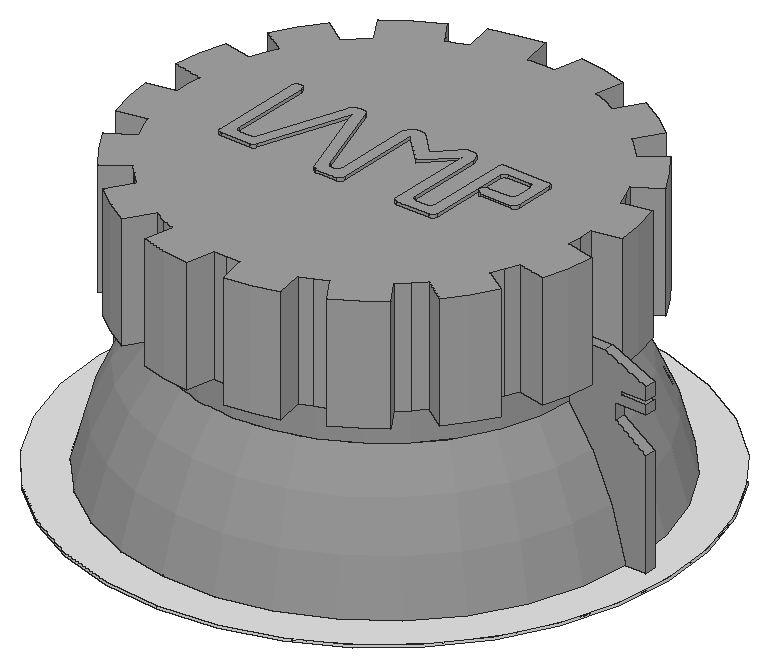
Revit family "LAMP_KOMBIC", category Luminarias, Revit 2015
Parameters (values of type "BRIGHT 2000LM 3000K")
  Ángulo de inclinación = 90.00°
  Without accessory [instance] = yes
  Weight = 0.742 kg
  Wattage = 21 W
  Type = "COB CITIZEN"
  Transparent glass 860614X [instance] = and(Change accessory, not(Without accessory))  # no
  Recessed diameter = 209 mm
  built-in parameter 1150110 = 1 (stored number, unit not read)
  Protection rating = "IP44"
  Product datasheet = "http://www.lamp.es/product-files/TECH/9241480-EN.pdf"
  Product code = "9241480"
  Product URL = "http://www.lamp.es/en/family/kombic_33313"
  Power Supply = "220-240V 50-60Hz"
  Power = 18 W
  Plum = 21 W
  Photobiological risk = "Group 0"
  Modelo = Product code  # "9241480"
  Model explanation = "Availability of switching between accessories through visibility parameters when placed in a project."
  Material Reflector = LAMP_PC Reflector Kombic Metalizado Brillante
  Material Disipador = LAMP_Aluminio Disipador Kombic
  Material Difusor = LAMP_PMMA Difusor Kombic
  Material Armazón GR = LAMP_PC Armazón Kombic GR
  Material Armazón BL = LAMP_PC Armazón Kombic BL
  Manufacturer name = "LAMP"
  Manufacturer country = "Spain"
  Manufacturer URL = "http://www.lamp.es/en"
  MacAdam = "3"
  Lámpara = "COB LED"
  Luminaire type = "Indoor - Recessed Downlight"
  Last update = "10/05/2018"
  LED Lifetime = "50.000 L90 B10"
  Insulation class = "II"
  Installation instructions = "http://www.lamp.es/product-files/INS/1003470-H-INSTR.%20KOMBIC.pdf"
  IEE = "A+"
  Height = Altura exterior  # 106 mm
  Gear = "Electronic"
  Finish = "Shiny white"
  built-in parameter 1114217 = 1 (stored number, unit not read)
  built-in parameter 1150109 = 1 (stored number, unit not read)
  Fabricante = Manufacturer name  # "LAMP"
  Efficacy = 87.3 lm/W
  Diameter = 220 mm
  Diam. inferior interior = 188 mm
  Diam. exterior cuerpo = 167 mm
  Diam. inferior cuerpo = 220 mm
  Descripción = "KOMBIC BRIGHT 2000 WW"
  Decorative ring 920021X [instance] = and(not(Without accessory), not(Change accessory))  # no
  Comentarios de tipo = Model explanation  # "Availability of switching between accessories through visibility parameters when placed in a project."
  built-in parameter 1150134 = (empty or 0)
  built-in parameter 1150113 = 1 (stored number, unit not read)
  Lumens = 1833.3 lm
  built-in parameter 1150115 = 1 (stored number, unit not read)
  built-in parameter 1150105 = 145.89 (stored number, unit not read)
  built-in parameter 1150137 = (empty or 0)
  built-in parameter 1150139 = (empty or 0)
  built-in parameter 1150112 = 1 (stored number, unit not read)
  built-in parameter 1150114 = 1 (stored number, unit not read)
  built-in parameter 1150132 = 2
  built-in parameter 1150102 = (empty or 0)
  built-in parameter 1150138 = (empty or 0)
  built-in parameter 1150107 = 3000 (stored number, unit not read)
  built-in parameter 1150106 = 1.4589 (stored number, unit not read)
  built-in parameter 1150104 = 8.1104 (stored number, unit not read)
  Change accessory [instance] = no
  Dimming Lamp Color Temperature Shift = (empty or 0)
  Color Filter = 16777215
  built-in parameter 1114218 = 1 (stored number, unit not read)
  CRI = "80"
  Archivo de red fotométrica = "9241480.ies"
  Altura exterior = 106 mm
  Altura central = 62 mm
  built-in parameter 1150133 = 10 (stored number, unit not read)
Types (14, lengths in mm): name | Weight | Wattage | Type | Product datasheet | Product code | Power | Plum | Modelo | Material Reflector | Lámpara | LED Lifetime | Height | Efficacy | Descripción | built-in parameter 1150134 | Lumens | built-in parameter 1150105 | built-in parameter 1150107 | built-in parameter 1150106 | built-in parameter 1150104 | Change accessory | Archivo de red fotométrica | Altura exterior
  BRIGHT 2000LM 3000K | 0.742 kg | 21 W | "COB CITIZEN" | "http://www.lamp.es/product-files/TECH/9241480-EN.pdf" | "9241480" | 18 W | 21 W | "9241480" | LAMP_PC Reflector Kombic Metalizado Brillante | "COB LED" | "50.000 L90 B10" | 106 | 87.3 lm/W | "KOMBIC BRIGHT 2000 WW" | (empty or 0) | 1833.3 lm | 145.89 (stored number, unit not read) | 3000 (stored number, unit not read) | 1.4589 (stored number, unit not read) | 8.1104 (stored number, unit not read) | no | "9241480.ies" | 106
  BRIGHT 2000LM 4000K | 0.742 kg | 21 W | "COB CITIZEN" | "http://www.lamp.es/product-files/TECH/9241490-EN.pdf" | "9241490" | 18 W | 21 W | "9241490" | LAMP_PC Reflector Kombic Metalizado Brillante | "COB LED" | "50.000 L90 B10" | 106 | 89.6 lm/W | "KOMBIC BRIGHT 2000 NW" | 12 | 1881.6 lm | 1927.3 (stored number, unit not read) | 4000 (stored number, unit not read) | 19.273 (stored number, unit not read) | 8.3241 (stored number, unit not read) | yes | "9241490.IES" | 106
  BRIGHT 3000LM 3000K | 0.976 kg | 18.1 W | "MID POWER TRIDONIC" | "http://www.lamp.es/product-files/TECH/9241350-EN.pdf" | "9241350" | 17 W | 18.1 W | "9241350" | LAMP_PC Reflector Kombic Metalizado Brillante | "MID-POWER LED" | "50.000 L80 B10" | 106 | 114.1 lm/W | "KOMBIC BRIGHT 3000 WW" | (empty or 0) | 2065.21 lm | 1949.1 (stored number, unit not read) | 3000 (stored number, unit not read) | 19.491 (stored number, unit not read) | 10.6 (stored number, unit not read) | yes | "9241350.IES" | 106
  BRIGHT 3000LM 4000K | 0.976 kg | 18.1 W | "MID POWER TRIDONIC" | "http://www.lamp.es/product-files/TECH/9241360-EN.pdf" | "9241360" | 17 W | 18.1 W | "9241360" | LAMP_PC Reflector Kombic Metalizado Brillante | "MID-POWER LED" | "50.000 L80 B10" | 106 | 119.9 lm/W | "KOMBIC BRIGHT 3000 NW" | 12 | 2170.19 lm | 2048.1 (stored number, unit not read) | 4000 (stored number, unit not read) | 20.481 (stored number, unit not read) | 11.139 (stored number, unit not read) | yes | "9241360.IES" | 106
  BRIGHT 4000LM 3000K | 0.976 kg | 25.4 W | "MID POWER TRIDONIC" | "http://www.lamp.es/product-files/TECH/9241370-EN.pdf" | "9241370" | 24 W | 25.4 W | "9241370" | LAMP_PC Reflector Kombic Metalizado Brillante | "MID-POWER LED" | "50.000 L80 B10" | 106 | 110.2 lm/W | "KOMBIC BRIGHT 4000 WW" | (empty or 0) | 2799.08 lm | 2651.6 (stored number, unit not read) | 3000 (stored number, unit not read) | 26.516 (stored number, unit not read) | 10.238 (stored number, unit not read) | yes | "9241370.IES" | 106
  BRIGHT 4000LM 4000K | 0.976 kg | 25.4 W | "MID POWER TRIDONIC" | "http://www.lamp.es/product-files/TECH/9241380-EN.pdf" | "9241380" | 24 W | 25.4 W | "9241380" | LAMP_PC Reflector Kombic Metalizado Brillante | "MID-POWER LED" | "50.000 L80 B10" | 106 | 115.9 lm/W | "KOMBIC BRIGHT 4000 NW" | 12 | 2943.86 lm | 2788.7 (stored number, unit not read) | 4000 (stored number, unit not read) | 27.887 (stored number, unit not read) | 10.767 (stored number, unit not read) | yes | "9241380.IES" | 106
  BRIGHT 5000LM 3000K | 1.536 kg | 39 W | "COB PHILIPS" | "http://www.lamp.es/product-files/TECH/9241520-EN.pdf" | "9241520" | 36 W | 39 W | "9241520" | LAMP_PC Reflector Kombic Metalizado Brillante | "COB LED" | "50.000 L70 B10" | 120 | 95.8 lm/W | "KOMBIC BRIGHT 5000 WW" | (empty or 0) | 3736.2 lm | 3647.9 (stored number, unit not read) | 3000 (stored number, unit not read) | 36.479 (stored number, unit not read) | 8.9001 (stored number, unit not read) | yes | "9241520.IES" | 120
  BRIGHT 5000LM 4000K | 1.536 kg | 39 W | "COB PHILIPS" | "http://www.lamp.es/product-files/TECH/9241530-EN.pdf" | "9241530" | 36 W | 39 W | "9241530" | LAMP_PC Reflector Kombic Metalizado Brillante | "COB LED" | "50.000 L70 B10" | 120 | 103 lm/W | "KOMBIC BRIGHT 5000 NW" | 12 | 4017 lm | 3922 (stored number, unit not read) | 4000 (stored number, unit not read) | 39.22 (stored number, unit not read) | 9.569 (stored number, unit not read) | yes | "9241530.IES" | 120
  MATT 3000LM 3000K | 0.976 kg | 18.1 W | "COB TRIDONIC" | "http://www.lamp.es/product-files/TECH/9241351-EN.pdf" | "9241351" | 17 W | 18.1 W | "9241351" | LAMP_PC Reflector Kombic Metalizado Mate | "COB LED" | "50.000 L80 B10" | 106 | 109.5 lm/W | "KOMBIC MATT 3000 WW" | (empty or 0) | 1981.95 lm | 1270.3 (stored number, unit not read) | 3000 (stored number, unit not read) | 12.703 (stored number, unit not read) | 10.173 (stored number, unit not read) | yes | "9241351.IES" | 106
  MATT 3000LM 4000K | 0.976 kg | 18.1 W | "COB TRIDONIC" | "http://www.lamp.es/product-files/TECH/9241361-EN.pdf" | "9241361" | 17 W | 18.1 W | "9241361" | LAMP_PC Reflector Kombic Metalizado Mate | "COB LED" | "50.000 L80 B10" | 106 | 115.1 lm/W | "KOMBIC MATT 3000 NW" | 12 | 2083.31 lm | 1335.3 (stored number, unit not read) | 4000 (stored number, unit not read) | 13.353 (stored number, unit not read) | 10.693 (stored number, unit not read) | yes | "9241361.IES" | 106
  MATT 4000LM 3000K | 0.976 kg | 25.4 W | "COB TRIDONIC" | "http://www.lamp.es/product-files/TECH/9241371-EN.pdf" | "9241371" | 24 W | 25.4 W | "9241371" | LAMP_PC Reflector Kombic Metalizado Mate | "COB LED" | "50.000 L80 B10" | 106 | 105.8 lm/W | "KOMBIC MATT 4000 WW" | (empty or 0) | 2687.32 lm | 1722.3 (stored number, unit not read) | 3000 (stored number, unit not read) | 17.223 (stored number, unit not read) | 9.8291 (stored number, unit not read) | yes | "9241371.IES" | 106
  MATT 4000LM 4000K | 0.976 kg | 25.4 W | "COB TRIDONIC" | "http://www.lamp.es/product-files/TECH/9241381-EN.pdf" | "9241381" | 24 W | 25.4 W | "9241381" | LAMP_PC Reflector Kombic Metalizado Mate | "COB LED" | "50.000 L80 B10" | 106 | 111.3 lm/W | "KOMBIC MATT 4000 NW" | 12 | 2827.02 lm | 1811.9 (stored number, unit not read) | 4000 (stored number, unit not read) | 18.119 (stored number, unit not read) | 10.34 (stored number, unit not read) | yes | "9241381.IES" | 106
  MATT 5000LM 3000K | 1.536 kg | 39 W | "COB PHILIPS" | "http://www.lamp.es/product-files/TECH/9241521-EN.pdf" | "9241521" | 36 W | 39 W | "9241521" | LAMP_PC Reflector Kombic Metalizado Mate | "COB LED" | "50.000 L70 B10" | 120 | 91.7 lm/W | "KOMBIC MATT 5000 WW" | (empty or 0) | 3576.3 lm | 2292.2 (stored number, unit not read) | 3000 (stored number, unit not read) | 22.922 (stored number, unit not read) | 8.5192 (stored number, unit not read) | yes | "9241521.IES" | 120
  MATT 5000LM 4000K | 1.536 kg | 39 W | "COB PHILIPS" | "http://www.lamp.es/product-files/TECH/9241531-EN.pdf" | "9241531" | 36 W | 39 W | "9241531" | LAMP_PC Reflector Kombic Metalizado Mate | "COB LED" | "50.000 L70 B10" | 120 | 98.6 lm/W | "KOMBIC MATT 5000 NW" | 12 | 3845.4 lm | 2464.6 (stored number, unit not read) | 4000 (stored number, unit not read) | 24.646 (stored number, unit not read) | 9.1602 (stored number, unit not read) | yes | "9241531.IES" | 120
Reference planes
  plane 1 "Eje de origen de luz (F/P)": y = 0
  plane 2: z = 0
  plane 3 "Eje de origen de luz (I/D)": x = 0
  plane 4 "Techo": z = 4000
  plane 5 "Elevación de origen de luz": z = 4000
  plane 6: x = -83.5
  plane 7: x = 83.5
  plane 8: x = -110
  plane 9: x = 110
  plane 10: z = 4106
  plane 11: x = -94
  plane 12: x = 94
  plane 13: z = 4062
Forms (mm)
  Revolve 1, solid, material "LAMP_PC Armazón Kombic GR" <- "Material Armazón GR"
    sketch origin (0, 0, 0) x (1, 0, 0) y (0, 0, 1)
      loop
        line (-72, 4049) -> (-72, 4062) -> (-73, 4062) -> (-73, 4049)
        spline (-73, 4049) -> (-75.501, 4045.862) -> (-77.88, 4042.551) -> (-80.138, 4039.069) -> (-82.275, 4035.416) -> (-84.29, 4031.59) -> (-86.184, 4027.593) -> (-87.957, 4023.423) -> (-89.608, 4019.082) -> (-91.138, 4014.569) -> (-92.547, 4009.885) -> (-93.834, 4005.028) -> (-95, 4000)
        line (-95, 4000) -> (-94, 4000)
        spline (-94, 4000) -> (-92.834, 4005.028) -> (-91.547, 4009.885) -> (-90.138, 4014.569) -> (-88.608, 4019.082) -> (-86.957, 4023.423) -> (-85.184, 4027.593) -> (-83.29, 4031.59) -> (-81.275, 4035.416) -> (-79.138, 4039.069) -> (-76.88, 4042.551) -> (-74.501, 4045.862) -> (-72, 4049)
      axis (0, 4000) -> (0, 4062)
    angle from 0 to 360
  Extrusion 2, solid, material "LAMP_Aluminio Disipador Kombic" <- "Material Disipador"
    sketch origin (0, 0, 4000) x (0, 1, 0) y (-1, 0, 0)
      loop
        arc (26.177, 82.235) -> (16.747, 84.685) -> (7.101, 86.059) r 86.568
        line (7.101, 86.059) -> (4.972, 75.435)
        arc (4.972, 75.435) -> (2.36, 75.57) -> (-0.256, 75.616) r 75.811
        arc (-0.256, 75.616) -> (-2.881, 75.571) -> (-5.504, 75.435) r 75.811
        line (-5.504, 75.435) -> (-7.633, 86.059)
        arc (-7.633, 86.059) -> (-17.279, 84.685) -> (-26.709, 82.235) r 86.568
        line (-26.709, 82.235) -> (-24.58, 71.611)
        arc (-24.58, 71.611) -> (-26.978, 70.754) -> (-29.346, 69.817) r 75.811
        arc (-29.346, 69.817) -> (-31.681, 68.8) -> (-33.981, 67.706) r 75.811
        line (-33.981, 67.706) -> (-40.005, 76.713)
        arc (-40.005, 76.713) -> (-48.396, 71.76) -> (-56.176, 65.896) r 86.568
        line (-56.176, 65.896) -> (-50.152, 56.89)
        arc (-50.152, 56.89) -> (-52.092, 55.134) -> (-53.97, 53.314) r 75.811
        arc (-53.97, 53.314) -> (-55.791, 51.436) -> (-57.546, 49.496) r 75.811
        line (-57.546, 49.496) -> (-66.552, 55.52)
        arc (-66.552, 55.52) -> (-72.416, 47.739) -> (-77.369, 39.349) r 86.568
        line (-77.369, 39.349) -> (-68.362, 33.325)
        arc (-68.362, 33.325) -> (-69.457, 31.025) -> (-70.473, 28.69) r 75.811
        arc (-70.473, 28.69) -> (-71.41, 26.322) -> (-72.267, 23.923) r 75.811
        line (-72.267, 23.923) -> (-82.892, 26.053)
        arc (-82.892, 26.053) -> (-85.341, 16.623) -> (-86.715, 6.977) r 86.568
        line (-86.715, 6.977) -> (-76.091, 4.847)
        arc (-76.091, 4.847) -> (-76.223, 2.328) -> (-76.272, -0.195) r 75.811
        arc (-76.272, -0.195) -> (-76.223, -2.718) -> (-76.091, -5.238) r 75.811
        line (-76.091, -5.238) -> (-86.715, -7.367)
        arc (-86.715, -7.367) -> (-85.341, -17.013) -> (-82.892, -26.443) r 86.568
        line (-82.892, -26.443) -> (-72.267, -24.314)
        arc (-72.267, -24.314) -> (-71.41, -26.712) -> (-70.473, -29.08) r 75.811
        arc (-70.473, -29.08) -> (-69.457, -31.415) -> (-68.362, -33.715) r 75.811
        line (-68.362, -33.715) -> (-77.369, -39.739)
        arc (-77.369, -39.739) -> (-72.416, -48.13) -> (-66.552, -55.911) r 86.568
        line (-66.552, -55.911) -> (-57.546, -49.886)
        arc (-57.546, -49.886) -> (-55.791, -51.826) -> (-53.97, -53.704) r 75.811
        arc (-53.97, -53.704) -> (-52.092, -55.525) -> (-50.152, -57.28) r 75.811
        line (-50.152, -57.28) -> (-56.176, -66.286)
        arc (-56.176, -66.286) -> (-48.396, -72.15) -> (-40.005, -77.103) r 86.568
        line (-40.005, -77.103) -> (-33.981, -68.097)
        arc (-33.981, -68.097) -> (-31.681, -69.191) -> (-29.346, -70.207) r 75.811
        arc (-29.346, -70.207) -> (-26.978, -71.144) -> (-24.58, -72.002) r 75.811
        line (-24.58, -72.002) -> (-26.709, -82.626)
        arc (-26.709, -82.626) -> (-17.279, -85.075) -> (-7.633, -86.449) r 86.568
        line (-7.633, -86.449) -> (-5.504, -75.825)
        arc (-5.504, -75.825) -> (-2.881, -75.961) -> (-0.256, -76.006) r 75.811
        arc (-0.256, -76.006) -> (2.36, -75.961) -> (4.972, -75.825) r 75.811
        line (4.972, -75.825) -> (7.101, -86.449)
        arc (7.101, -86.449) -> (16.747, -85.075) -> (26.177, -82.626) r 86.568
        line (26.177, -82.626) -> (24.048, -72.002)
        arc (24.048, -72.002) -> (26.446, -71.144) -> (28.814, -70.207) r 75.811
        arc (28.814, -70.207) -> (31.149, -69.191) -> (33.449, -68.097) r 75.811
        line (33.449, -68.097) -> (39.474, -77.103)
        arc (39.474, -77.103) -> (47.864, -72.15) -> (55.645, -66.286) r 86.568
        line (55.645, -66.286) -> (49.62, -57.28)
        arc (49.62, -57.28) -> (51.56, -55.525) -> (53.438, -53.704) r 75.811
        arc (53.438, -53.704) -> (55.259, -51.826) -> (57.014, -49.886) r 75.811
        line (57.014, -49.886) -> (66.021, -55.911)
        arc (66.021, -55.911) -> (71.885, -48.13) -> (76.837, -39.739) r 86.568
        line (76.837, -39.739) -> (67.831, -33.715)
        arc (67.831, -33.715) -> (68.925, -31.415) -> (69.941, -29.08) r 75.811
        arc (69.941, -29.08) -> (70.878, -26.712) -> (71.736, -24.314) r 75.811
        line (71.736, -24.314) -> (82.36, -26.443)
        arc (82.36, -26.443) -> (84.809, -17.013) -> (86.183, -7.367) r 86.568
        line (86.183, -7.367) -> (75.559, -5.238)
        arc (75.559, -5.238) -> (75.692, -2.718) -> (75.74, -0.195) r 75.811
        arc (75.74, -0.195) -> (75.692, 2.328) -> (75.559, 4.847) r 75.811
        line (75.559, 4.847) -> (86.626, 7.066)
        arc (86.626, 7.066) -> (85.118, 16.692) -> (82.538, 26.088) r 86.568
        line (82.538, 26.088) -> (71.736, 23.923)
        arc (71.736, 23.923) -> (70.878, 26.322) -> (69.941, 28.69) r 75.811
        arc (69.941, 28.69) -> (69.311, 30.163) -> (68.649, 31.623) r 75.811
        line (68.649, 31.623) -> (77.684, 37.666)
        arc (77.684, 37.666) -> (72.404, 46.954) -> (66.021, 55.52) r 86.568
        line (66.021, 55.52) -> (57.014, 49.496)
        arc (57.014, 49.496) -> (55.259, 51.436) -> (53.438, 53.314) r 75.811
        arc (53.438, 53.314) -> (51.56, 55.134) -> (49.62, 56.89) r 75.811
        line (49.62, 56.89) -> (55.645, 65.896)
        arc (55.645, 65.896) -> (47.864, 71.76) -> (39.474, 76.713) r 86.568
        line (39.474, 76.713) -> (33.449, 67.706)
        arc (33.449, 67.706) -> (31.149, 68.8) -> (28.814, 69.817) r 75.811
        arc (28.814, 69.817) -> (26.446, 70.754) -> (24.048, 71.611) r 75.811
        line (24.048, 71.611) -> (26.177, 82.235)
    from 62 to 106
  Extrusion 3, solid, material "LAMP_PC Armazón Kombic BL" <- "Material Armazón BL"
    sketch origin (0, 0, 4000) x (0, 1, 0) y (-1, 0, 0)
      loop
        circle (0, 0) r 110
      loop
        circle (0, 0) r 94
    from 0 to -1
  Revolve 4, solid, material "LAMP_PC Reflector Kombic Metalizado Brillante" <- "Material Reflector"
    sketch origin (0, 0, 0) x (1, 0, 0) y (0, 0, 1)
      loop
        line (-62.5, 4049) -> (-63.5, 4049) -> (-95, 4000) -> (-94, 4000) -> (-62.5, 4049)
      axis (0, 4000) -> (0, 4049)
    angle from 0 to 360
  Extrusion 5, solid, material "LAMP_PMMA Difusor Kombic" <- "Material Difusor"
    sketch origin (0, 0, 4000) x (0, 1, 0) y (-1, 0, 0)
      loop
        circle (0, 0) r 63.5
    from 49 to 50
  Extrusion 6, solid, material "LAMP_PC Armazón Kombic GR" <- "Material Armazón GR"
    sketch origin (0, 0, 0) x (1, 0, 0) y (0, 0, 1)
      loop
        spline (-95, 4000) -> (-93.834, 4005.028) -> (-92.547, 4009.885) -> (-91.138, 4014.569) -> (-89.608, 4019.082) -> (-87.957, 4023.423) -> (-86.184, 4027.593) -> (-84.29, 4031.59) -> (-82.275, 4035.416) -> (-80.138, 4039.069) -> (-77.88, 4042.551) -> (-75.501, 4045.862) -> (-73, 4049)
        line (-73, 4049) -> (-73, 4071.68) -> (-86.812, 4071.68) -> (-102.735, 4064.402) -> (-102.735, 4059.601) -> (-93.235, 4059.601) -> (-93.235, 4058.301) -> (-102.735, 4058.301) -> (-102.735, 4054.792) -> (-91.033, 4054.792) -> (-91.033, 4048.875) -> (-102.735, 4040.624) -> (-102.735, 4000) -> (-95, 4000)
    from -2 to 2
  Extrusion 7, solid, material "LAMP_PC Armazón Kombic GR" <- "Material Armazón GR"
    sketch origin (0, 0, 0) x (-1, 0, 0) y (0, 0, -1)
      loop
        line (-95, -4000) -> (-102.735, -4000) -> (-102.735, -4040.624) -> (-91.033, -4048.875) -> (-91.033, -4054.792) -> (-102.735, -4054.792) -> (-102.735, -4058.301) -> (-93.235, -4058.301) -> (-93.235, -4059.601) -> (-102.735, -4059.601) -> (-102.735, -4064.402) -> (-86.812, -4071.68) -> (-73, -4071.68) -> (-73, -4049)
        spline (-73, -4049) -> (-75.501, -4045.862) -> (-77.88, -4042.551) -> (-80.138, -4039.069) -> (-82.275, -4035.416) -> (-84.29, -4031.59) -> (-86.184, -4027.593) -> (-87.957, -4023.423) -> (-89.608, -4019.082) -> (-91.138, -4014.569) -> (-92.547, -4009.885) -> (-93.834, -4005.028) -> (-95, -4000)
    from -2 to 2
  Extrusion 8, solid, material "LAMP_Aluminio Disipador Kombic" <- "Material Disipador"
    sketch origin (0, 0, 4000) x (0, 1, 0) y (-1, 0, 0)
      loop
        arc (-17.07, 49.616) -> (-18.349, 49.086) -> (-18.878, 47.807) r 1.808
        line (-18.878, 47.807) -> (-18.878, 36.794)
        arc (-18.878, 36.794) -> (-18.529, 35.702) -> (-17.61, 35.017) r 1.88
        line (-17.61, 35.017) -> (14.401, 24.002) -> (-17.435, 13.048)
        arc (-17.435, 13.048) -> (-18.297, 12.404) -> (-18.625, 11.38) r 1.764
        line (-18.625, 11.38) -> (-18.625, 3.447)
        arc (-18.625, 3.447) -> (-18.108, 2.197) -> (-16.858, 1.68) r 1.768
        line (-16.858, 1.68) -> (14.603, 1.68) -> (4.643, -8.28) -> (14.603, -18.24) -> (-17.162, -18.24)
        arc (-17.162, -18.24) -> (-18.376, -18.743) -> (-18.878, -19.956) r 1.717
        line (-18.878, -19.956) -> (-18.878, -32.273)
        arc (-18.878, -32.273) -> (-18.334, -33.587) -> (-17.02, -34.131) r 1.858
        line (-17.02, -34.131) -> (13.062, -34.131)
        arc (13.062, -34.131) -> (14.332, -34.657) -> (14.858, -35.927) r 1.796
        line (14.858, -35.927) -> (14.858, -44.282)
        arc (14.858, -44.282) -> (14.316, -45.589) -> (13.008, -46.131) r 1.849
        line (13.008, -46.131) -> (6.695, -46.131)
        arc (6.695, -46.131) -> (5.396, -45.593) -> (4.858, -44.293) r 1.838
        line (4.858, -44.293) -> (4.858, -36.6)
        arc (4.858, -36.6) -> (2.858, -34.6) -> (0.858, -36.6) r 2
        line (0.858, -36.6) -> (0.858, -48.338)
        arc (0.858, -48.338) -> (1.383, -49.606) -> (2.651, -50.131) r 1.793
        line (2.651, -50.131) -> (16.976, -50.131)
        arc (16.976, -50.131) -> (18.306, -49.58) -> (18.858, -48.249) r 1.882
        line (18.858, -48.249) -> (18.858, -31.989)
        arc (18.858, -31.989) -> (18.313, -30.675) -> (16.999, -30.131) r 1.858
        line (16.999, -30.131) -> (-13.071, -30.131)
        arc (-13.071, -30.131) -> (-14.385, -29.587) -> (-14.93, -28.272) r 1.859
        line (-14.93, -28.272) -> (-14.93, -24.158)
        arc (-14.93, -24.158) -> (-14.388, -22.851) -> (-13.081, -22.309) r 1.849
        line (-13.081, -22.309) -> (15.175, -22.309)
        arc (15.175, -22.309) -> (19.208, -19.408) -> (17.738, -14.662) r 4.253
        line (17.738, -14.662) -> (11.356, -8.28) -> (17.738, -1.898)
        arc (17.738, -1.898) -> (19.208, 2.848) -> (15.175, 5.749) r 4.253
        line (15.175, 5.749) -> (-12.629, 5.749)
        arc (-12.629, 5.749) -> (-14.893, 7.666) -> (-13.376, 10.214) r 2.295
        line (-13.376, 10.214) -> (16.302, 20.421)
        arc (16.302, 20.421) -> (18.858, 24.002) -> (16.302, 27.584) r 3.788
        line (16.302, 27.584) -> (-13.672, 37.892)
        arc (-13.672, 37.892) -> (-14.583, 38.572) -> (-14.93, 39.655) r 1.864
        line (-14.93, 39.655) -> (-14.93, 43.839)
        arc (-14.93, 43.839) -> (-14.409, 45.095) -> (-13.153, 45.616) r 1.777
        line (-13.153, 45.616) -> (17.07, 45.616)
        arc (17.07, 45.616) -> (19.07, 47.616) -> (17.07, 49.616) r 2
        line (17.07, 49.616) -> (-17.07, 49.616)
    from 107 to 106
  Revolve 9, void
    sketch origin (0, 0, 0) x (1, 0, 0) y (0, 0, 1)
      loop
        line (95, 4000) -> (63.5, 4049) -> (63.5, 4050) -> (0, 4050) -> (0, 3999) -> (95, 3999) -> (95, 4000)
      axis (0, 3999) -> (0, 4050)
    angle from 0 to 360
Cuts and joins
  Revolve 9 cuts Revolve 1
  Revolve 9 cuts Extrusion 3
Text (mm)
  text "Any modification of the parameters and properties of the LAMP BIM models must be executed and validated by the LAMP technical department.\n\nPhone: +34 93 736 68 00\n\nE-mail: lamp@lamp.es\n\n\n\nLAMP reserves the right to modify the technical specifications of its products." at (304.005, 3121.545, 3275.502), in view "Preview"
Dimensions and locks
  equal spacing: host sketch curve, plane 3 "Eje de origen de luz (I/D)", host sketch curve
  equal spacing: host sketch curve, plane 1 "Eje de origen de luz (F/P)", host sketch curve
  host sketch curve to host sketch curve = 4000 mm  (x2)
  locked: plane 4 "Techo" to host ceiling at 0
  equal spacing: plane 6, plane 3 "Eje de origen de luz (I/D)", plane 7, locked at 83.5 each
  "Diam. exterior cuerpo": plane 6 to plane 7
  equal spacing: plane 8, plane 3 "Eje de origen de luz (I/D)", plane 9, locked at 110 each
  "Diam. inferior cuerpo": plane 8 to plane 9
  "Altura exterior": plane 4 "Techo" to plane 10
  equal spacing: plane 11, plane 3 "Eje de origen de luz (I/D)", plane 12
  "Diam. inferior interior": plane 11 to plane 12
  "Altura central": plane 4 "Techo" to plane 13
  aligned and locked: plane 3 "Eje de origen de luz (I/D)" to imposter light
  aligned and locked: plane 1 "Eje de origen de luz (F/P)" to imposter light
  aligned and locked: plane 5 "Elevación de origen de luz" to imposter light
  aligned and locked: plane 3 "Eje de origen de luz (I/D)" to Revolve 1 sketch curve
  aligned and locked: plane 10 to Extrusion 2
  aligned and locked: Extrusion 2 to plane 13
  aligned and locked: plane 4 "Techo" to Revolve 1
  aligned and locked: plane 3 "Eje de origen de luz (I/D)" to Revolve 4 sketch curve
  aligned and locked: Extrusion 7 to Extrusion 3
  aligned and locked: plane 4 "Techo" to Extrusion 6
  aligned and locked: Extrusion 8 to plane 10
  aligned and locked: Extrusion 8 to Extrusion 2
  aligned and locked: imposter light to plane 4 "Techo"
  aligned and locked: nested 1 to Revolve 4
  aligned and locked: nested 2 to Revolve 4
Automatic sketch dimensions
  Revolve 1 sketch curve to plane 4 "Techo" = 0 mm
  Revolve 1 sketch curve to plane 11 = 0 mm
  Revolve 1 sketch curve to plane 13 = 0 mm
  Revolve 1 sketch curve to plane 11 = 1 mm
  plane 6 to Revolve 1 sketch curve = 10.5 mm
  Revolve 1 sketch curve to Revolve 1 sketch curve = 1 mm
  Revolve 1 sketch curve to Revolve 1 sketch curve = 13 mm
  Revolve 1 sketch curve to Revolve 1 sketch curve = 0 mm
  Revolve 1 sketch curve to level = 358.228 mm
  plane 10 to Revolve 1 sketch curve = 256.185 mm
  Extrusion 2 sketch curve to Extrusion 2 sketch curve = 0 mm  (x665)
  Extrusion 2 sketch curve to plane 3 "Eje de origen de luz (I/D)" = 0 mm  (x2)
  Extrusion 2 sketch curve to plane 3 "Eje de origen de luz (I/D)" = 6.977 mm
  plane 1 "Eje de origen de luz (F/P)" to Extrusion 2 sketch curve = 86.715 mm
  plane 3 "Eje de origen de luz (I/D)" to Extrusion 2 sketch curve = 7.367 mm  (x2)
  plane 3 "Eje de origen de luz (I/D)" to Extrusion 2 sketch curve = 26.443 mm  (x2)
  Extrusion 2 sketch curve to Extrusion 2 sketch curve = 3.823 mm  (x3)
  Extrusion 2 sketch curve to plane 3 "Eje de origen de luz (I/D)" = 26.053 mm
  Extrusion 2 sketch curve to Extrusion 2 sketch curve = 5.523 mm  (x2)
  Extrusion 2 sketch curve to plane 3 "Eje de origen de luz (I/D)" = 4.847 mm  (x2)
  Extrusion 2 sketch curve to Extrusion 2 sketch curve = 10.624 mm  (x4)
  plane 3 "Eje de origen de luz (I/D)" to Extrusion 2 sketch curve = 5.238 mm  (x2)
  plane 3 "Eje de origen de luz (I/D)" to Extrusion 2 sketch curve = 24.314 mm  (x2)
  Extrusion 2 sketch curve to plane 3 "Eje de origen de luz (I/D)" = 23.923 mm  (x2)
  plane 3 "Eje de origen de luz (I/D)" to Extrusion 2 sketch curve = 33.715 mm  (x2)
  Extrusion 2 sketch curve to plane 3 "Eje de origen de luz (I/D)" = 33.325 mm
  Extrusion 2 sketch curve to Extrusion 2 sketch curve = 3.905 mm
  plane 6 to Extrusion 2 sketch curve = 27.98 mm  (x2)
  Extrusion 2 sketch curve to Extrusion 2 sketch curve = 10.817 mm  (x3)
  plane 7 to Extrusion 2 sketch curve = 27.589 mm  (x2)
  Extrusion 2 sketch curve to Extrusion 2 sketch curve = 9.007 mm  (x5)
  plane 7 to Extrusion 2 sketch curve = 17.214 mm  (x2)
  Extrusion 2 sketch curve to Extrusion 2 sketch curve = 10.376 mm  (x2)
  plane 6 to Extrusion 2 sketch curve = 17.604 mm  (x2)
  plane 6 to Extrusion 2 sketch curve = 26.61 mm  (x2)
  Extrusion 2 sketch curve to Extrusion 2 sketch curve = 7.394 mm  (x7)
  plane 7 to Extrusion 2 sketch curve = 26.22 mm
  plane 7 to Extrusion 2 sketch curve = 6.397 mm  (x2)
  Extrusion 2 sketch curve to Extrusion 2 sketch curve = 16.171 mm  (x4)
  plane 6 to Extrusion 2 sketch curve = 6.787 mm  (x2)
  plane 6 to Extrusion 2 sketch curve = 15.794 mm  (x2)
  Extrusion 2 sketch curve to Extrusion 2 sketch curve = 6.024 mm  (x4)
  plane 7 to Extrusion 2 sketch curve = 15.403 mm  (x2)
  plane 6 to Extrusion 2 sketch curve = 1.265 mm  (x2)
  Extrusion 2 sketch curve to Extrusion 2 sketch curve = 13.296 mm  (x2)
  plane 7 to Extrusion 2 sketch curve = 0.874 mm  (x2)
  plane 7 to Extrusion 2 sketch curve = 11.498 mm  (x2)
  plane 6 to Extrusion 2 sketch curve = 11.889 mm  (x2)
  Extrusion 2 sketch curve to plane 7 = 2.949 mm  (x2)
  Extrusion 2 sketch curve to plane 6 = 2.559 mm  (x2)
  plane 1 "Eje de origen de luz (F/P)" to Extrusion 2 sketch curve = 5.504 mm  (x2)
  plane 1 "Eje de origen de luz (F/P)" to Extrusion 2 sketch curve = 0.071 mm  (x2)
  Extrusion 2 sketch curve to plane 1 "Eje de origen de luz (F/P)" = 0.483 mm
  Extrusion 2 sketch curve to plane 1 "Eje de origen de luz (F/P)" = 4.972 mm  (x2)
  Extrusion 2 sketch curve to plane 1 "Eje de origen de luz (F/P)" = 7.101 mm  (x2)
  Extrusion 2 sketch curve to Extrusion 2 sketch curve = 19.076 mm  (x2)
  plane 6 to Extrusion 2 sketch curve = 34.004 mm
  Extrusion 2 sketch curve to plane 3 "Eje de origen de luz (I/D)" = 31.623 mm
  Extrusion 2 sketch curve to Extrusion 2 sketch curve = 11.635 mm
  Extrusion 2 sketch curve to Extrusion 2 sketch curve = 3.086 mm
  plane 3 "Eje de origen de luz (I/D)" to Extrusion 2 sketch curve = 39.739 mm
  Extrusion 2 sketch curve to plane 3 "Eje de origen de luz (I/D)" = 37.666 mm
  Extrusion 2 sketch curve to plane 3 "Eje de origen de luz (I/D)" = 26.088 mm
  Extrusion 2 sketch curve to Extrusion 2 sketch curve = 10.802 mm
  Extrusion 2 sketch curve to plane 3 "Eje de origen de luz (I/D)" = 7.066 mm
  Extrusion 2 sketch curve to Extrusion 2 sketch curve = 11.067 mm
  plane 7 to Extrusion 2 sketch curve = 7.675 mm
  plane 6 to Extrusion 2 sketch curve = 8.065 mm
  Extrusion 2 sketch curve to Extrusion 2 sketch curve = 1.794 mm  (x2)
  Extrusion 2 sketch curve to Extrusion 2 sketch curve = 2.11 mm
  Extrusion 2 sketch curve to Extrusion 2 sketch curve = 4.635 mm  (x4)
  plane 1 "Eje de origen de luz (F/P)" to Extrusion 2 sketch curve = 0.256 mm  (x2)
  Extrusion 2 sketch curve to Extrusion 2 sketch curve = 1.292 mm
  Extrusion 3 sketch curve to Extrusion 3 sketch curve = 0 mm  (x2)
  plane 1 "Eje de origen de luz (F/P)" to Extrusion 3 sketch curve = 0 mm
  Extrusion 3 sketch curve to plane 3 "Eje de origen de luz (I/D)" = 0 mm
  Revolve 4 sketch curve to plane 4 "Techo" = 0 mm
  Revolve 4 sketch curve to plane 11 = 0 mm
  Revolve 4 sketch curve to Revolve 4 sketch curve = 1 mm  (x2)
  plane 6 to Revolve 4 sketch curve = 20 mm
  Revolve 4 sketch curve to plane 13 = 13 mm
  Revolve 4 sketch curve to level = 358.228 mm
  plane 10 to Revolve 4 sketch curve = 256.185 mm
  plane 1 "Eje de origen de luz (F/P)" to Extrusion 5 sketch curve = 0 mm
  Extrusion 5 sketch curve to plane 3 "Eje de origen de luz (I/D)" = 0 mm
  Extrusion 6 sketch curve to plane 4 "Techo" = 0 mm
  plane 8 to Extrusion 6 sketch curve = 7.265 mm  (x2)
  plane 13 to Extrusion 6 sketch curve = 2.402 mm
  Extrusion 6 sketch curve to Extrusion 6 sketch curve = 0 mm
  Extrusion 6 sketch curve to plane 11 = 1 mm
  plane 11 to Extrusion 6 sketch curve = 0.765 mm
  plane 11 to Extrusion 6 sketch curve = 2.967 mm
  Extrusion 6 sketch curve to plane 6 = 3.312 mm
  plane 6 to Extrusion 6 sketch curve = 10.5 mm
  Extrusion 6 sketch curve to plane 13 = 21.376 mm
  Extrusion 6 sketch curve to plane 13 = 13.125 mm
  Extrusion 6 sketch curve to plane 13 = 13 mm
  Extrusion 6 sketch curve to Extrusion 6 sketch curve = 5.917 mm
  Extrusion 6 sketch curve to Extrusion 6 sketch curve = 3.509 mm
  Extrusion 6 sketch curve to Extrusion 6 sketch curve = 1.3 mm
  plane 13 to Extrusion 6 sketch curve = 9.68 mm
  Extrusion 7 sketch curve to plane 4 "Techo" = 0 mm
  Extrusion 7 sketch curve to plane 9 = 7.265 mm  (x2)
  Extrusion 7 sketch curve to plane 13 = 2.402 mm
  Extrusion 7 sketch curve to Extrusion 7 sketch curve = 0 mm
  plane 12 to Extrusion 7 sketch curve = 1 mm
  Extrusion 7 sketch curve to plane 12 = 0.765 mm
  Extrusion 7 sketch curve to plane 12 = 2.967 mm
  plane 7 to Extrusion 7 sketch curve = 3.312 mm
  Extrusion 7 sketch curve to plane 7 = 10.5 mm
  plane 13 to Extrusion 7 sketch curve = 21.376 mm
  plane 13 to Extrusion 7 sketch curve = 13.125 mm
  plane 13 to Extrusion 7 sketch curve = 13 mm
  Extrusion 7 sketch curve to Extrusion 7 sketch curve = 5.917 mm
  Extrusion 7 sketch curve to Extrusion 7 sketch curve = 3.509 mm
  Extrusion 7 sketch curve to Extrusion 7 sketch curve = 1.3 mm
  Extrusion 7 sketch curve to plane 13 = 9.68 mm
  plane 1 "Eje de origen de luz (F/P)" to Extrusion 8 sketch curve = 18.878 mm  (x2)
  Extrusion 8 sketch curve to plane 3 "Eje de origen de luz (I/D)" = 3.447 mm
  plane 1 "Eje de origen de luz (F/P)" to Extrusion 8 sketch curve = 18.625 mm
  Extrusion 8 sketch curve to Extrusion 8 sketch curve = 1.268 mm
  Extrusion 8 sketch curve to Extrusion 8 sketch curve = 1.19 mm
  Extrusion 8 sketch curve to Extrusion 8 sketch curve = 1.717 mm
  Extrusion 8 sketch curve to Extrusion 8 sketch curve = 1.808 mm
  Extrusion 8 sketch curve to Extrusion 8 sketch curve = 1.858 mm
  Extrusion 8 sketch curve to Extrusion 8 sketch curve = 1.88 mm
  Extrusion 8 sketch curve to Extrusion 8 sketch curve = 0.574 mm
  Extrusion 8 sketch curve to plane 3 "Eje de origen de luz (I/D)" = 1.68 mm
  Extrusion 8 sketch curve to Extrusion 8 sketch curve = 2.232 mm
  Extrusion 8 sketch curve to Extrusion 8 sketch curve = 2.14 mm
  Extrusion 8 sketch curve to Extrusion 8 sketch curve = 1.258 mm
  Extrusion 8 sketch curve to Extrusion 8 sketch curve = 3.485 mm
  Extrusion 8 sketch curve to Extrusion 8 sketch curve = 1.777 mm
  Extrusion 8 sketch curve to Extrusion 8 sketch curve = 1.849 mm  (x2)
  Extrusion 8 sketch curve to Extrusion 8 sketch curve = 1.859 mm
  Extrusion 8 sketch curve to Extrusion 8 sketch curve = 1.864 mm
  Extrusion 8 sketch curve to Extrusion 8 sketch curve = 0.746 mm
  Extrusion 8 sketch curve to plane 1 "Eje de origen de luz (F/P)" = 0.858 mm
  Extrusion 8 sketch curve to Extrusion 8 sketch curve = 1.793 mm
  Extrusion 8 sketch curve to Extrusion 8 sketch curve = 2 mm  (x2)
  Extrusion 8 sketch curve to plane 1 "Eje de origen de luz (F/P)" = 4.643 mm
  Extrusion 8 sketch curve to Extrusion 8 sketch curve = 1.838 mm
  Extrusion 8 sketch curve to Extrusion 8 sketch curve = 6.713 mm
  Extrusion 8 sketch curve to Extrusion 8 sketch curve = 6.313 mm
  Extrusion 8 sketch curve to Extrusion 8 sketch curve = 8.204 mm
  Extrusion 8 sketch curve to plane 1 "Eje de origen de luz (F/P)" = 14.401 mm
  Extrusion 8 sketch curve to Extrusion 8 sketch curve = 3.246 mm  (x2)
  Extrusion 8 sketch curve to Extrusion 8 sketch curve = 0.669 mm
  Extrusion 8 sketch curve to Extrusion 8 sketch curve = 0.572 mm  (x2)
  Extrusion 8 sketch curve to Extrusion 8 sketch curve = 1.232 mm  (x2)
  Extrusion 8 sketch curve to Extrusion 8 sketch curve = 3.968 mm
  Extrusion 8 sketch curve to Extrusion 8 sketch curve = 2.142 mm  (x2)
  Extrusion 8 sketch curve to plane 1 "Eje de origen de luz (F/P)" = 17.07 mm
  Extrusion 8 sketch curve to Extrusion 8 sketch curve = 2.563 mm  (x2)
  plane 3 "Eje de origen de luz (I/D)" to Extrusion 8 sketch curve = 1.898 mm
  Extrusion 8 sketch curve to Extrusion 8 sketch curve = 1.882 mm
  Extrusion 8 sketch curve to Extrusion 8 sketch curve = 4.07 mm
  Extrusion 8 sketch curve to Extrusion 8 sketch curve = 4.114 mm
  Extrusion 8 sketch curve to Extrusion 8 sketch curve = 0.673 mm
  Extrusion 8 sketch curve to Extrusion 8 sketch curve = 8.355 mm
  Extrusion 8 sketch curve to Extrusion 8 sketch curve = 2.118 mm
  plane 3 "Eje de origen de luz (I/D)" to Extrusion 8 sketch curve = 8.28 mm
  Extrusion 8 sketch curve to Extrusion 8 sketch curve = 0 mm  (x2)
  Extrusion 8 sketch curve to Extrusion 8 sketch curve = 0.184 mm
  Extrusion 8 sketch curve to Extrusion 8 sketch curve = 2.295 mm
  Extrusion 8 sketch curve to Extrusion 8 sketch curve = 1.166 mm
  Extrusion 8 sketch curve to Extrusion 8 sketch curve = 14.671 mm
  Extrusion 8 sketch curve to Extrusion 8 sketch curve = 3.582 mm
  Extrusion 8 sketch curve to Extrusion 8 sketch curve = 21.969 mm
  Extrusion 8 sketch curve to Extrusion 8 sketch curve = 1.098 mm
  Extrusion 8 sketch curve to Extrusion 8 sketch curve = 4.184 mm
  Revolve 9 sketch curve to plane 3 "Eje de origen de luz (I/D)" = 0 mm  (x2)
  Revolve 9 sketch curve to plane 4 "Techo" = 0 mm
  plane 7 to Revolve 9 sketch curve = 20 mm
  Revolve 9 sketch curve to plane 12 = 1 mm
  Revolve 9 sketch curve to Revolve 9 sketch curve = 1 mm  (x2)
  Revolve 9 sketch curve to plane 13 = 13 mm
  Revolve 9 sketch curve to Revolve 9 sketch curve = 303.8 mm
  plane 10 to Revolve 9 sketch curve = 184.8 mm
  radius of Extrusion 3 sketch curve = 110 mm
  radius of Extrusion 3 sketch curve = 94 mm
  radius of Extrusion 5 sketch curve = 63.5 mm
Nested families
  nested 1: "LAMP_ARO 920021X" at (0, 0, 3998), visible <- "Decorative ring 920021X", type "WHITE"
  nested 2: "LAMP_ARO IP54 860614X" at (0, 0, 3997), visible <- "Transparent glass 860614X", type "GREY"
Connectors
  electrical at (0, 0, 4000)
    settings: on cut or joined group of Extrusion 3, Revolve 9, index 1, voltage 230 V, apparent load 0 VA, apparent load phase1 0 VA, apparent load phase2 0 VA, apparent load phase3 0 VA, power factor 1, load classification "Iluminación", number of poles 1, system type 31, power factor state 1, is connector primary yes, connector utility no, sub classification motor no, connector description ""
Definition of nested family "LAMP_ARO 920021X"
  Parameters (values of type "WHITE")
    Weight = 0.10 kg
    Product datasheet = "http://www.lamp.es/product-files/TECH/9200210-EN.pdf"
    Product code = "9200210"
    Product URL = "http://www.lamp.es/en/accessory/kombic-acc-deco-ring-wh_37495"
    Model = Product code  # "9200210"
    Model explanation = "Availability of switching between accessories through visibility parameters when placed in a project."
    Material Aro = none
    Manufacturer name = "LAMP"
    Manufacturer country = "Spain"
    Manufacturer URL = "http://www.lamp.es/en"
    Luminaire type = "Accessory"
    Last update = "10/05/2018"
    Installation instructions = ""
    Grosor aro = 2 mm
    Finish = "Shiny white"
    Manufacturer = Manufacturer name  # "LAMP"
    Diameter = 226 mm
    Description = "KOMBIC ACC. DECO RING WH."
    Type Comments = Model explanation  # "Availability of switching between accessories through visibility parameters when placed in a project."
  Types (3, lengths in mm): name | Product datasheet | Product code | Product URL | Model | Finish | Description
    (no name) | "http://www.lamp.es/product-files/TECH/9200210-EN.pdf" | "9200210" | "http://www.lamp.es/en/accessory/kombic-acc-deco-ring-wh_37495" | "9200210" | "Shiny white" | "KOMBIC ACC. DECO RING WH."
    WHITE | "http://www.lamp.es/product-files/TECH/9200210-EN.pdf" | "9200210" | "http://www.lamp.es/en/accessory/kombic-acc-deco-ring-wh_37495" | "9200210" | "Shiny white" | "KOMBIC ACC. DECO RING WH."
    GREY | "http://www.lamp.es/product-files/TECH/9200213-EN.pdf" | "9200213" | "http://www.lamp.es/en/accessory/kombic-acc-deco-ring-gr_37496" | "9200213" | "Gloss grey" | "KOMBIC ACC. DECO RING GR."
  Reference planes
    plane 1 "Centro (Frontal/Posterior)": y = 0
    plane 2: z = 0
    plane 3 "Centro (Izquierda/Derecha)": x = 0
    plane 4: z = 2
  Forms (mm)
    Extrusion 1, solid, material <- "Material Aro"
      sketch origin (0, 0, 0) x (1, 0, 0) y (0, 1, 0)
        loop
          circle (0, 0) r 113
        loop
          circle (0, 0) r 83.5
      from 0 to 2
  Text (mm)
    text "Any modification of the parameters and properties of the LAMP BIM models must be executed and validated by the LAMP technical department.\n\nPhone: +34 93 736 68 00\n\nE-mail: lamp@lamp.es\n\n\n\nLAMP reserves the right to modify the technical specifications of its products." at (201.404, -28.601, 149.077), in view "Preview"
  Dimensions and locks
    "Grosor aro": plane 4 to level
    aligned and locked: level to plane 2
    aligned and locked: plane 4 to Extrusion 1
    aligned and locked: Extrusion 1 to level
    aligned and locked: Extrusion 1 to plane 4
    aligned and locked: level to Extrusion 1
  Automatic sketch dimensions
    Extrusion 1 sketch curve to Extrusion 1 sketch curve = 0 mm  (x2)
    plane 1 "Centro (Frontal/Posterior)" to Extrusion 1 sketch curve = 0 mm
    Extrusion 1 sketch curve to plane 3 "Centro (Izquierda/Derecha)" = 0 mm
    radius of Extrusion 1 sketch curve = 113 mm
    radius of Extrusion 1 sketch curve = 83.5 mm
Definition of nested family "LAMP_ARO IP54 860614X"
  Parameters (values of type "WHITE")
    Weight = 0.218 kg
    Protection rating = "IP54"
    Product datasheet = "http://www.lamp.es/product-files/TECH/8606140-EN.pdf"
    Product code = "8606140"
    Model = Product code  # "8606140"
    Model explanation = "Availability of switching between accessories through visibility parameters when placed in a project."
    Material Cristal = none
    Material Aro = none
    Manufacturer name = "LAMP"
    Manufacturer country = "Spain"
    Manufacturer URL = "http://www.lamp.es/en"
    Luminaire type = "Accessory"
    Last update = "14/05/2018"
    Installation instructions = ""
    Grosor aro = 3 mm
    Finish = "Matt white"
    Manufacturer = Manufacturer name  # "LAMP"
    Diameter = 174 mm
    Description = "DOMO 220 ACC.TRANSP GLASS WH."
    Type Comments = Model explanation  # "Availability of switching between accessories through visibility parameters when placed in a project."
  Types (3, lengths in mm): name | Product datasheet | Product code | Model | Finish | Description
    (no name) | "http://www.lamp.es/product-files/TECH/8606140-EN.pdf" | "8606140" | "8606140" | "Matt white" | "DOMO 220 ACC.TRANSP GLASS WH."
    WHITE | "http://www.lamp.es/product-files/TECH/8606140-EN.pdf" | "8606140" | "8606140" | "Matt white" | "DOMO 220 ACC.TRANSP GLASS WH."
    GREY | "http://www.lamp.es/product-files/TECH/8606143-EN.pdf" | "8606143" | "8606143" | "Gloss grey" | "DOMO 220 ACC.TRANSP GLASS GR."
  Reference planes
    plane 1 "Centro (Frontal/Posterior)": y = 0
    plane 2: z = 0
    plane 3 "Centro (Izquierda/Derecha)": x = 0
    plane 4: z = 3
  Forms (mm)
    Extrusion 1, solid, material <- "Material Aro"
      sketch origin (0, 0, 0) x (1, 0, 0) y (0, 1, 0)
        loop
          circle (0, 0) r 113
        loop
          circle (0, 0) r 83.5
      from 0 to 3
    Extrusion 2, solid, material <- "Material Cristal"
      sketch origin (0, 0, 0) x (1, 0, 0) y (0, 1, 0)
        loop
          circle (0, 0) r 83.5
      from 1 to 3
  Text (mm)
    text "Any modification of the parameters and properties of the LAMP BIM models must be executed and validated by the LAMP technical department.\n\nPhone: +34 93 736 68 00\n\nE-mail: lamp@lamp.es\n\n\n\nLAMP reserves the right to modify the technical specifications of its products." at (189.655, 51.95, 129.596), in view "Preview"
  Dimensions and locks
    "Grosor aro": plane 4 to level
    aligned and locked: level to plane 2
    aligned and locked: plane 4 to Extrusion 1
    aligned and locked: Extrusion 1 to level
    aligned and locked: Extrusion 1 to plane 4
    aligned and locked: level to Extrusion 1
  Automatic sketch dimensions
    Extrusion 1 sketch curve to Extrusion 1 sketch curve = 0 mm  (x2)
    plane 1 "Centro (Frontal/Posterior)" to Extrusion 1 sketch curve = 0 mm
    Extrusion 1 sketch curve to plane 3 "Centro (Izquierda/Derecha)" = 0 mm
    plane 1 "Centro (Frontal/Posterior)" to Extrusion 2 sketch curve = 0 mm
    Extrusion 2 sketch curve to plane 3 "Centro (Izquierda/Derecha)" = 0 mm
    radius of Extrusion 1 sketch curve = 113 mm
    radius of Extrusion 1 sketch curve = 83.5 mm
    radius of Extrusion 2 sketch curve = 83.5 mm
